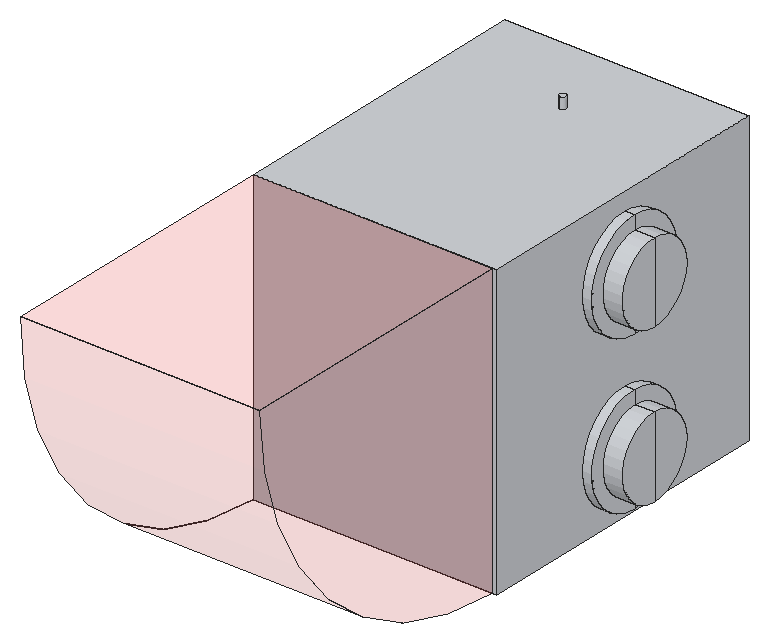
Revit family
Parameters (values of type "120 V Single Phase")
  Weight Scheduled [instance] = 51  # constant formula
  Voltage Workaround = Voltage / 1 V  # 120
  Voltage Scheduled = Voltage  # 120 V
  Voltage = 120 V  # constant formula
  VoltAmps Workaround [instance] = Voltage Workaround * Total FLA * sqrt(Phase)  # 42
  VoltAmps [instance] = VoltAmps Workaround * 1 VA  # 42 VA
  URL = "http://www.renewaire.com/products/residential-products/ev90p"
  Total FLA [instance] = 0.35  # constant formula
  Supply Motor RPM Scheduled [instance] = 0
  Supply Motor HP Scheduled [instance] = Supply Motor HP  # 0.03
  Supply Motor HP [instance] = 0.03  # constant formula
  Supply Motor Count Scheduled [instance] = 0
  Supply ESP Scheduled [instance] = Supply ESP  # 0.6
  Supply ESP [instance] = if(Supply CFM < 42 CFM, 0.6, if(Supply CFM < 56 CFM, 0.5, if(Supply CFM < 73 CFM, 0.4, if(Supply CFM < 87 CFM, 0.3, if(Supply CFM < 99 CFM, 0.2, if(Supply CFM < 108 CFM, 0.1, 0))))))  # 0.6
  Supply CFM Scheduled [instance] = Supply CFM  # 0 CFM
  Supply CFM [instance] = 0 CFM
  Supply Air Winter RH Scheduled [instance] = 0
  Supply Air Winter DB Scheduled [instance] = 0
  Supply Air Summer RH Scheduled [instance] = 0
  Supply Air Summer DB Scheduled [instance] = 0
  Phase Scheduled = Phase  # 1
  Phase = 1  # constant formula
  Outside Air Winter RH Scheduled [instance] = 0
  Outside Air Winter DB Scheduled [instance] = 0
  Outside Air Summer RH Scheduled [instance] = 0
  Outside Air Summer DB Scheduled [instance] = 0
  Number of Poles = 1
  Model = "EV90P"
  Manufacturer = "RenewAire"
  MOCP Scheduled [instance] = 0
  MCA Scheduled [instance] = 0
  FLA Scheduled [instance] = Total FLA  # 0.35
  Exhaust RH Scheduled [instance] = 0
  Exhaust Motor RPM Scheduled [instance] = 0
  Exhaust Motor HP Scheduled [instance] = 0.1
  Exhaust Motor Count Scheduled [instance] = 0
  Exhaust ESP Scheduled [instance] = Exhaust ESP  # 0.6
  Exhaust ESP [instance] = if(Exhaust CFM < 42 CFM, 0.6, if(Exhaust CFM < 56 CFM, 0.5, if(Exhaust CFM < 73 CFM, 0.4, if(Exhaust CFM < 87 CFM, 0.3, if(Exhaust CFM < 99 CFM, 0.2, if(Exhaust CFM < 108 CFM, 0.1, 0))))))  # 0.6
  Exhaust DB Scheduled [instance] = 0
  Exhaust CFM Scheduled [instance] = Exhaust CFM  # 0 CFM
  Exhaust CFM [instance] = 0 CFM
  Enthalpy Effect Winter Scheduled [instance] = if(Supply CFM < 42 CFM, 83, if(Supply CFM < 56 CFM, 82, if(Supply CFM < 73 CFM, 80, if(Supply CFM < 87 CFM, 79, if(Supply CFM < 99 CFM, 78, if(Supply CFM < 108 CFM, 78, 0))))))  # 83
  Enthalpy Effect Summer Scheduled [instance] = if(Supply CFM < 42 CFM, 71, if(Supply CFM < 56 CFM, 70, if(Supply CFM < 73 CFM, 68, if(Supply CFM < 87 CFM, 67, if(Supply CFM < 99 CFM, 66, if(Supply CFM < 108 CFM, 65, 0))))))  # 71
Reference planes (in)
  plane 1 "Center (Front/Back)": y = 1.9375
  plane 2: z = 0
  plane 3 "Center (Left/Right)": x = 1.5625
  plane 4 "Air Out Connector Centerline": y = 1.9375
  plane 5 "MOUNTING FLANGE": y = 13.5625
Forms (in)
  Extrusion 1, solid
    sketch origin (0, 5.5625, 0) x (1, 0, 0) y (0, 1, 0)
      loop
        line (-11, 8) -> (-11, -15.625) -> (7.25, -15.625) -> (7.25, 8) -> (-11, 8)
    from 1 to 22.875
  Extrusion 2, solid
    sketch origin (1.5625, -3.5625, 1.17729) x (0, 1, 0) y (0, 0, 1)
      loop
        line (-6.5, 21.69771) -> (-28.375, 21.69771)
        arc (-28.375, 21.69771) -> (-21.96796, 6.22975) -> (-6.5, -0.17729) r 21.875
        line (-6.5, -0.17729) -> (-6.5, 21.69771)
    from 5.4375 to -12.5625
  Revolve 3, solid
    sketch origin (-7.125, 1.9375, 3.4375) x (-1, 0, 0) y (0, 0, 1)
      loop
        line (-14.375, 18.12495) -> (-15.125, 18.12495) -> (-15.125, 17.125) -> (-16.625, 17.125) -> (-16.625, 14.125) -> (-14.375, 14.125) -> (-14.375, 18.12495)
      axis (-16.625, 14.125) -> (-14.375, 14.125)
    angle from 0 to 360
  Revolve 4, solid
    sketch origin (-7.125, 1.9375, -8.6875) x (-1, 0, 0) y (0, 0, 1)
      loop
        line (-14.375, 18.49995) -> (-15.125, 18.49995) -> (-15.125, 17.5) -> (-16.625, 17.5) -> (-16.625, 14.5) -> (-14.375, 14.5) -> (-14.375, 18.49995)
      axis (-16.625, 14.5) -> (-14.375, 14.5)
    angle from 0 to 360
  Revolve 5, solid
    sketch origin (3.375, 1.9375, 2.9375) x (1, 0, 0) y (0, 0, 1)
      loop
        line (-14.375, 18.62495) -> (-15.125, 18.62495) -> (-15.125, 17.625) -> (-16.625, 17.625) -> (-16.625, 14.625) -> (-14.375, 14.625) -> (-14.375, 18.62495)
      axis (-16.625, 14.625) -> (-14.375, 14.625)
    angle from 0 to 360
  Revolve 6, solid
    sketch origin (3.375, 1.9375, -8.8125) x (1, 0, 0) y (0, 0, 1)
      loop
        line (-14.375, 18.62495) -> (-15.125, 18.62495) -> (-15.125, 17.625) -> (-16.625, 17.625) -> (-16.625, 14.625) -> (-14.375, 14.625) -> (-14.375, 18.62495)
      axis (-16.625, 14.625) -> (-14.375, 14.625)
    angle from 0 to 360
  Extrusion 7, solid
    sketch origin (8.21637, 49.4906, 22.875) x (0, -1, 0) y (1, 0, 0)
      loop
        circle (41.9281, -10.09137) r 0.25
    from 0.75 to 0
Cuts and joins
  joined: Extrusion 1, Revolve 3, Revolve 4, Revolve 5, Revolve 6, Extrusion 7
Lines and regions (in)
  model lines, style "RenewAire ERV"
    curve 1: line (-10.875, 13.5625, 22.875) -> (-9.9375, 13.5625, 23.8125)
    curve 2: line (-9.9375, 13.5625, 23.8125) -> (6.1875, 13.5625, 23.8125)
    curve 3: line (7.125, 13.5625, 22.875) -> (6.1875, 13.5625, 23.8125)
    curve 4: circle (-8.375, 13.5625, 23.3607) r 0.25 normal (0, 1, 0)
    curve 5: circle (-1.875, 13.5625, 23.3607) r 0.25 normal (0, 1, 0)
    curve 6: circle (4.625, 13.5625, 23.3607) r 0.25 normal (0, -1, 0)
    curve 7: line (-10.875, 13.5625, 1) -> (-9.9375, 13.5625, 0.0625)
    curve 8: line (-9.9375, 13.5625, 0.0625) -> (6.1875, 13.5625, 0.0625)
    curve 9: line (7.125, 13.5625, 1) -> (6.1875, 13.5625, 0.0625)
    curve 10: circle (-8.375, 13.5625, 0.5143) r 0.25 normal (0, -1, 0)
    curve 11: circle (-1.875, 13.5625, 0.5143) r 0.25 normal (0, -1, 0)
    curve 12: circle (4.625, 13.5625, 0.5143) r 0.25 normal (0, 1, 0)
Dimensions and locks (in)
  Extrusion 1 to Revolve 3 sketch curve = 0' - 5 5/16"
  Extrusion 1 to Revolve 5 sketch curve = 0' - 5 5/16"
  Extrusion 2 to cut or joined group of Extrusion 1, Revolve 3, Revolve 4, Revolve 5, Revolve 6, Extrusion 7 = 1' - 9 7/8"
  aligned and locked: plane 5 "MOUNTING FLANGE" to cut or joined group of Extrusion 1, Revolve 3, Revolve 4, Revolve 5, Revolve 6, Extrusion 7
  aligned and locked: Extrusion 2 to cut or joined group of Extrusion 1, Revolve 3, Revolve 4, Revolve 5, Revolve 6, Extrusion 7
Connectors (in)
  hvac at (9.5, 1.9375, 17.5625), driven by "Exhaust CFM"
    settings: on Revolve 3, index 6, duct flow 0 CFM, flow factor 0, pres drop 0.00 in-wg, loss coef 0, conn angle 0.00°, conn width 12", conn height 12", conn radius 3", duct sys type 2, conn prof type 0, flow config 1, flow direction 2, loss method 0, conn ref index -1, conn util no, is conn primary yes, conn desc ""
  hvac at (9.5, 1.9375, 5.8125), driven by "Supply CFM"
    settings: on Revolve 4, index 7, duct flow 0 CFM, flow factor 0, pres drop 0.00 in-wg, loss coef 0, conn angle 0.00°, conn width 12", conn height 12", conn radius 3", duct sys type 1, conn prof type 0, flow config 0, flow direction 2, loss method 0, conn ref index -1, conn util no, is conn primary no, conn desc ""
  hvac at (-13.25, 1.9375, 17.5625), driven by "Supply CFM"
    settings: on Revolve 5, index 8, duct flow 0 CFM, flow factor 0, pres drop 0.00 in-wg, loss coef 0, conn angle 0.00°, conn width 12", conn height 12", conn radius 3", duct sys type 1, conn prof type 0, flow config 1, flow direction 1, loss method 0, conn ref index -1, conn util no, is conn primary no, conn desc ""
  hvac at (-13.25, 1.9375, 5.8125), driven by "Exhaust CFM"
    settings: on Revolve 6, index 9, duct flow 0 CFM, flow factor 0, pres drop 0.00 in-wg, loss coef 0, conn angle 0.00°, conn width 12", conn height 12", conn radius 3", duct sys type 3, conn prof type 0, flow config 0, flow direction 1, loss method 0, conn ref index -1, conn util no, is conn primary no, conn desc ""
  electrical at (-1.875, 7.5625, 23.625), driven by "VoltAmps", driven by "Voltage", driven by "Number of Poles"
    settings: on cut or joined group of Extrusion 1, Revolve 3, Revolve 4, Revolve 5, Revolve 6, Extrusion 7, index 10, voltage 120 V, apparent load 42 VA, apparent load phase1 0 VA, apparent load phase2 0 VA, apparent load phase3 0 VA, power factor 1, load classification "HVAC", number of poles 1, system type 30, power factor state 1, is connector primary yes, connector utility no, sub classification motor no, connector description "CORD CONNECTED"
